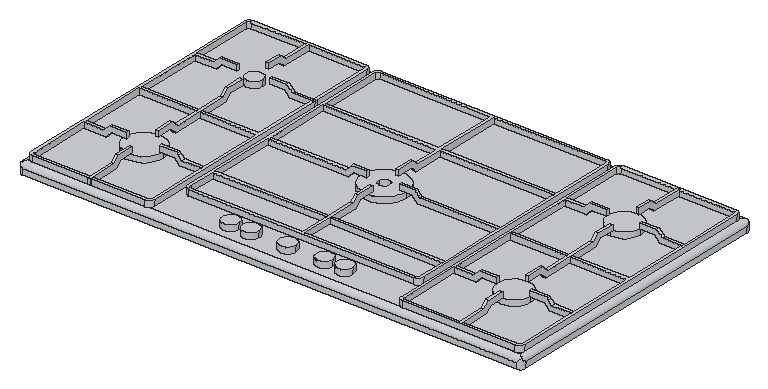
Revit family
Parameters
  s/s Thickness = 20 mm
  Width = 915 mm
  Stainless Steel = none
  Height from FFL = 900 mm
  Depth = 520 mm
  Cast Iron = none
  Burner Diameter = 60 mm
Reference planes
  plane 1 "Center (Front/Back)": y = 0
  plane 2: z = 0
  plane 3 "Center (Left/Right)": x = 0
  plane 4: x = -457.5
  plane 5: x = 457.5
  plane 6: y = 260
  plane 7: y = -260
  plane 8: z = 900
  plane 9: z = 920
  plane 10: y = 250
  plane 11: y = -250
  plane 12: x = -447.5
  plane 13: x = 447.5
  plane 14: z = 910
  plane 15: x = -223.75
  plane 16: x = 223.75
  plane 17: x = -213.75
  plane 18: x = 213.75
  plane 19: y = 125
  plane 20: y = -125
  plane 21: y = 240
  plane 22: y = -240
  plane 23: z = 930
  plane 24: z = 940
  plane 25: y = -187.5
  plane 26: y = -177.5
  plane 27: x = -335.625
  plane 28: x = 335.625
  plane 29: x = -365.625
  plane 30: x = -305.625
  plane 31: x = 305.625
  plane 32: x = 365.625
  plane 33: x = -30
  plane 34: x = 30
  plane 35: y = 155
  plane 36: y = 95
  plane 37: y = -95
  plane 38: y = -155
  plane 39: y = 122.5
  plane 40: y = 127.5
  plane 41: x = -333.125
  plane 42: x = -338.125
  plane 43: x = -406.562
  plane 44: x = -264.687
  plane 45: y = -127.5
  plane 46: y = -122.5
  plane 47: x = 406.562
  plane 48: x = 264.687
  plane 49: x = 66.75
  plane 50: x = -66.75
  plane 51: x = 2.5
  plane 52: x = -2.5
  plane 53: x = 338.125
  plane 54: x = 333.125
  plane 55: y = 183.333
  plane 56: y = 62.5
  plane 57: y = -62.5
  plane 58: y = -186
  plane 59: y = -218.75
  plane 60: x = -103.5
  plane 61: x = 103.5
  plane 62: y = 30
  plane 63: y = -30
  plane 64: y = -2.5
  plane 65: y = 2.5
  plane 66: y = 211.667
  plane 67: x = -140.25
  plane 68: x = -177
  plane 69: x = 140.25
  plane 70: x = 177
Forms (mm)
  Extrusion 1, solid, material <- "Stainless Steel"
    sketch origin (0, 0, 0) x (1, 0, 0) y (0, 1, 0)
      loop
        arc (-447.5, 260) -> (-454.571, 257.071) -> (-457.5, 250) r 10
        line (-457.5, 250) -> (-457.5, -250)
        arc (-457.5, -250) -> (-454.571, -257.071) -> (-447.5, -260) r 10
        line (-447.5, -260) -> (447.5, -260)
        arc (447.5, -260) -> (454.571, -257.071) -> (457.5, -250) r 10
        line (457.5, -250) -> (457.5, 250)
        arc (457.5, 250) -> (454.571, 257.071) -> (447.5, 260) r 10
        line (447.5, 260) -> (-447.5, 260)
    from 900 to 920
  Extrusion 2, void
    sketch origin (0, 0, 0) x (1, 0, 0) y (0, 0, 1)
      loop
        arc (-457.5, 910) -> (-454.571, 917.071) -> (-447.5, 920) r 10
        line (-447.5, 920) -> (-457.5, 920) -> (-457.5, 910)
    from -260 to 260
  Extrusion 3, void
    sketch origin (0, 0, 0) x (1, 0, 0) y (0, 0, 1)
      loop
        line (457.5, 910) -> (457.5, 920) -> (447.5, 920)
        arc (447.5, 920) -> (454.571, 917.071) -> (457.5, 910) r 10
    from -260 to 260
  Extrusion 4, void
    sketch origin (0, 0, 0) x (0, 1, 0) y (0, 0, 1)
      loop
        line (260, 910) -> (260, 920) -> (250, 920)
        arc (250, 920) -> (257.071, 917.071) -> (260, 910) r 10
    from -457.5 to 457.5
  Extrusion 5, void
    sketch origin (0, 0, 0) x (0, -1, 0) y (0, 0, -1)
      loop
        arc (260, -910) -> (257.071, -917.071) -> (250, -920) r 10
        line (250, -920) -> (260, -920) -> (260, -910)
    from -457.5 to 457.5
  Sweep 6, solid, material <- "Cast Iron"
    path origin (0, 0, 0) x (1, 0, 0) y (0, 1, 0)
      loop
        line (-233.75, 250) -> (-437.5, 250)
        arc (-437.5, 250) -> (-444.571, 247.071) -> (-447.5, 240) r 10
        line (-447.5, 240) -> (-447.5, -240)
        arc (-447.5, -240) -> (-444.571, -247.071) -> (-437.5, -250) r 10
        line (-437.5, -250) -> (-233.75, -250)
        arc (-233.75, -250) -> (-226.679, -247.071) -> (-223.75, -240) r 10
        line (-223.75, -240) -> (-223.75, 240)
        arc (-223.75, 240) -> (-226.679, 247.071) -> (-233.75, 250) r 10
    profile origin (-335.625, 250, 0) x (0, -1, 0) y (0, 0, 1)
      loop
        line (5, 920) -> (5, 930) -> (0, 930) -> (0, 920) -> (5, 920)
  Sweep 7, solid, material <- "Cast Iron"
    path origin (671.25, 0, 0) x (1, 0, 0) y (0, 1, 0)
      loop
        line (-233.75, 250) -> (-437.5, 250)
        arc (-437.5, 250) -> (-444.571, 247.071) -> (-447.5, 240) r 10
        line (-447.5, 240) -> (-447.5, -240)
        arc (-447.5, -240) -> (-444.571, -247.071) -> (-437.5, -250) r 10
        line (-437.5, -250) -> (-233.75, -250)
        arc (-233.75, -250) -> (-226.679, -247.071) -> (-223.75, -240) r 10
        line (-223.75, -240) -> (-223.75, 240)
        arc (-223.75, 240) -> (-226.679, 247.071) -> (-233.75, 250) r 10
    profile origin (335.625, 250, 0) x (0, -1, 0) y (0, 0, 1)
      loop
        line (5, 920) -> (5, 930) -> (0, 930) -> (0, 920) -> (5, 920)
  Sweep 8, solid, material <- "Cast Iron"
    path origin (233.75, 0, 0) x (1, 0, 0) y (0, 1, 0)
      loop
        line (-30, 250) -> (-437.5, 250)
        arc (-437.5, 250) -> (-444.571, 247.071) -> (-447.5, 240) r 10
        line (-447.5, 240) -> (-447.5, -177.5)
        arc (-447.5, -177.5) -> (-444.571, -184.571) -> (-437.5, -187.5) r 10
        line (-437.5, -187.5) -> (-30, -187.5)
        arc (-30, -187.5) -> (-22.929, -184.571) -> (-20, -177.5) r 10
        line (-20, -177.5) -> (-20, 240)
        arc (-20, 240) -> (-22.929, 247.071) -> (-30, 250) r 10
    profile origin (0, 250, 0) x (0, -1, 0) y (0, 0, 1)
      loop
        line (5, 920) -> (5, 930) -> (0, 930) -> (0, 920) -> (5, 920)
  Sweep 9, solid, material <- "Cast Iron"
    path origin (0, 0, 0) x (1, 0, 0) y (0, 1, 0)
      loop
        line (-447.5, 0) -> (-223.75, 0)
    profile origin (-335.625, 0, 0) x (0, 1, 0) y (0, 0, 1)
      loop
        line (2.5, 920) -> (2.5, 930) -> (-2.5, 930) -> (-2.5, 920) -> (2.5, 920)
  Sweep 10, solid, material <- "Cast Iron"
    path origin (233.75, 0, 0) x (1, 0, 0) y (0, 1, 0)
      loop
        line (-447.5, -125) -> (-20, -125)
    profile origin (0, -125, 0) x (0, 1, 0) y (0, 0, 1)
      loop
        line (2.5, 920) -> (2.5, 930) -> (-2.5, 930) -> (-2.5, 920) -> (2.5, 920)
  Sweep 11, solid, material <- "Cast Iron"
    path origin (0, 0, 0) x (-1, 0, 0) y (0, 1, 0)
      loop
        line (-447.5, 0) -> (-223.75, 0)
    profile origin (335.625, 0, 0) x (0, -1, 0) y (0, 0, 1)
      loop
        line (-2.5, 920) -> (2.5, 920) -> (2.5, 930) -> (-2.5, 930) -> (-2.5, 920)
  Extrusion 12, solid
    sketch origin (0, 0, 0) x (1, 0, 0) y (0, 1, 0)
      loop
        circle (-335.625, 125) r 15
    from 920 to 930
  Extrusion 13, solid
    sketch origin (0, 0, 0) x (1, 0, 0) y (0, 1, 0)
      loop
        circle (-335.625, -125) r 35
    from 920 to 930
  Extrusion 14, solid
    sketch origin (0, 0, 0) x (-1, 0, 0) y (0, -1, 0)
      loop
        arc (-365.625, -125) -> (-356.838, -146.213) -> (-335.625, -155) r 30
        arc (-335.625, -155) -> (-314.412, -146.213) -> (-305.625, -125) r 30
        arc (-305.625, -125) -> (-314.412, -103.787) -> (-335.625, -95) r 30
        arc (-335.625, -95) -> (-356.838, -103.787) -> (-365.625, -125) r 30
    from 920 to 930
  Extrusion 15, solid
    sketch origin (0, 0, 0) x (-1, 0, 0) y (0, -1, 0)
      loop
        circle (-335.625, 125) r 30
    from 920 to 930
  Sweep 16, solid, material <- "Cast Iron"
    path origin (1524, 125, 1219.2) x (1, 0, 0) y (0, 0, 1)
      loop
        line (-1971.5, -289.2) -> (-1930.563, -289.2) -> (-1920.562, -279.2) -> (-1889.625, -279.2)
    profile origin (-427.031, 125, 930) x (0, 0, 1) y (0, -1, 0)
      loop
        line (0, -2.5) -> (0, 2.5) -> (-10, 2.5) -> (-10, -2.5) -> (0, -2.5)
  Sweep 17, solid
    path origin (-2195.25, 125, 1219.2) x (-1, 0, 0) y (0, 0, -1)
      loop
        line (-1971.5, 289.2) -> (-1930.563, 289.2) -> (-1920.563, 279.2) -> (-1889.625, 279.2)
    profile origin (-244.219, 125, 930) x (0, 0, -1) y (0, -1, 0)
      loop
        line (0, -2.5) -> (10, -2.5) -> (10, 2.5) -> (0, 2.5) -> (0, -2.5)
  Sweep 18, solid, material <- "Cast Iron"
    path origin (1524, -125, 1219.2) x (1, 0, 0) y (0, 0, 1)
      loop
        line (-1971.5, -289.2) -> (-1930.563, -289.2) -> (-1920.562, -279.2) -> (-1889.625, -279.2)
    profile origin (-427.031, -125, 930) x (0, 0, 1) y (0, -1, 0)
      loop
        line (0, -2.5) -> (0, 2.5) -> (-10, 2.5) -> (-10, -2.5) -> (0, -2.5)
  Sweep 19, solid, material <- "Cast Iron"
    path origin (-2195.25, -125, 1219.2) x (-1, 0, 0) y (0, 0, -1)
      loop
        line (-1971.5, 289.2) -> (-1930.563, 289.2) -> (-1920.563, 279.2) -> (-1889.625, 279.2)
    profile origin (-244.219, -125, 930) x (0, 0, -1) y (0, -1, 0)
      loop
        line (0, -2.5) -> (10, -2.5) -> (10, 2.5) -> (0, 2.5) -> (0, -2.5)
  Sweep 20, solid, material <- "Cast Iron"
    path origin (-1524, 125, 1219.2) x (-1, 0, 0) y (0, 0, -1)
      loop
        line (-1971.5, 289.2) -> (-1930.563, 289.2) -> (-1920.562, 279.2) -> (-1889.625, 279.2)
    profile origin (427.031, 125, 930) x (0, 0, -1) y (0, -1, 0)
      loop
        line (0, -2.5) -> (10, -2.5) -> (10, 2.5) -> (0, 2.5) -> (0, -2.5)
  Sweep 21, solid, material <- "Cast Iron"
    path origin (2195.25, 125, 1219.2) x (1, 0, 0) y (0, 0, 1)
      loop
        line (-1971.5, -289.2) -> (-1930.563, -289.2) -> (-1920.563, -279.2) -> (-1889.625, -279.2)
    profile origin (244.219, 125, 930) x (0, 0, 1) y (0, -1, 0)
      loop
        line (0, -2.5) -> (0, 2.5) -> (-10, 2.5) -> (-10, -2.5) -> (0, -2.5)
  Sweep 22, solid, material <- "Cast Iron"
    path origin (-1524, -125, 1219.2) x (-1, 0, 0) y (0, 0, -1)
      loop
        line (-1971.5, 289.2) -> (-1930.563, 289.2) -> (-1920.562, 279.2) -> (-1889.625, 279.2)
    profile origin (427.031, -125, 930) x (0, 0, -1) y (0, -1, 0)
      loop
        line (0, -2.5) -> (10, -2.5) -> (10, 2.5) -> (0, 2.5) -> (0, -2.5)
  Sweep 23, solid, material <- "Cast Iron"
    path origin (2195.25, -125, 1219.2) x (1, 0, 0) y (0, 0, 1)
      loop
        line (-1971.5, -289.2) -> (-1930.563, -289.2) -> (-1920.563, -279.2) -> (-1889.625, -279.2)
    profile origin (244.219, -125, 930) x (0, 0, 1) y (0, -1, 0)
      loop
        line (0, -2.5) -> (0, 2.5) -> (-10, 2.5) -> (-10, -2.5) -> (0, -2.5)
  Sweep 24, solid, material <- "Cast Iron"
    path origin (-335.625, -1734.625, 1219.2) x (0, -1, 0) y (0, 0, -1)
      loop
        line (-1984.625, 289.2) -> (-1927.896, 289.2) -> (-1917.896, 279.2) -> (-1889.625, 279.2)
    profile origin (-335.625, 221.635, 930) x (0, 0, -1) y (1, 0, 0)
      loop
        line (0, -2.5) -> (10, -2.5) -> (10, 2.5) -> (0, 2.5) -> (0, -2.5)
  Sweep 25, solid, material <- "Cast Iron"
    path origin (-335.625, 1984.625, 1219.2) x (0, 1, 0) y (0, 0, 1)
      loop
        line (-2079.625, -279.2) -> (-2047.188, -279.2) -> (-2037.188, -289.2) -> (-1932.063, -289.2) -> (-1922.063, -279.2) -> (-1889.625, -279.2)
    profile origin (-335.625, 0, 930) x (0, 0, 1) y (1, 0, 0)
      loop
        line (0, -2.5) -> (0, 2.5) -> (-10, 2.5) -> (-10, -2.5) -> (0, -2.5)
  Sweep 26, solid
    path origin (-335.625, 1734.625, 1219.2) x (0, 1, 0) y (0, 0, 1)
      loop
        line (-1984.625, -289.2) -> (-1930.563, -289.2) -> (-1920.562, -279.2) -> (-1889.625, -279.2)
    profile origin (-335.625, -222.969, 930) x (0, 0, 1) y (1, 0, 0)
      loop
        line (0, -2.5) -> (0, 2.5) -> (-10, 2.5) -> (-10, -2.5) -> (0, -2.5)
  Sweep 27, solid
    path origin (335.625, -1734.625, 1219.2) x (0, -1, 0) y (0, 0, -1)
      loop
        line (-1984.625, 289.2) -> (-1927.896, 289.2) -> (-1917.896, 279.2) -> (-1889.625, 279.2)
    profile origin (335.625, 221.635, 930) x (0, 0, -1) y (1, 0, 0)
      loop
        line (0, -2.5) -> (10, -2.5) -> (10, 2.5) -> (0, 2.5) -> (0, -2.5)
  Sweep 28, solid, material <- "Cast Iron"
    path origin (335.625, 1984.625, 1219.2) x (0, 1, 0) y (0, 0, 1)
      loop
        line (-2079.625, -279.2) -> (-2047.188, -279.2) -> (-2037.188, -289.2) -> (-1932.063, -289.2) -> (-1922.063, -279.2) -> (-1889.625, -279.2)
    profile origin (335.625, 0, 930) x (0, 0, 1) y (1, 0, 0)
      loop
        line (0, -2.5) -> (0, 2.5) -> (-10, 2.5) -> (-10, -2.5) -> (0, -2.5)
  Sweep 29, solid, material <- "Cast Iron"
    path origin (335.625, 1734.625, 1219.2) x (0, 1, 0) y (0, 0, 1)
      loop
        line (-1984.625, -289.2) -> (-1930.563, -289.2) -> (-1920.562, -279.2) -> (-1889.625, -279.2)
    profile origin (335.625, -222.969, 930) x (0, 0, 1) y (1, 0, 0)
      loop
        line (0, -2.5) -> (0, 2.5) -> (-10, 2.5) -> (-10, -2.5) -> (0, -2.5)
  Extrusion 30, solid, material <- "Stainless Steel"
    sketch origin (0, 0, 0) x (1, 0, 0) y (0, 1, 0)
      loop
        circle (103.5, -218.75) r 15
    from 920 to 930
  Sweep 31, solid, material <- "Cast Iron"
    path origin (233.75, 123.75, 0) x (1, 0, 0) y (0, 1, 0)
      loop
        line (-447.5, 1.25) -> (-20, 1.25)
    profile origin (0, 125, 0) x (0, 1, 0) y (0, 0, 1)
      loop
        line (2.5, 920) -> (2.5, 930) -> (-2.5, 930) -> (-2.5, 920) -> (2.5, 920)
  Sweep 32, solid, material <- "Cast Iron"
    path origin (1859.625, 0, 1219.2) x (1, 0, 0) y (0, 0, 1)
      loop
        line (-2073.375, -289.2) -> (-1926.312, -289.2) -> (-1916.313, -279.2) -> (-1889.625, -279.2)
    profile origin (-140.219, 0, 930) x (0, 0, 1) y (0, -1, 0)
      loop
        line (0, -2.5) -> (0, 2.5) -> (-10, 2.5) -> (-10, -2.5) -> (0, -2.5)
  Sweep 33, solid, material <- "Cast Iron"
    path origin (-1859.625, 0, 1219.2) x (-1, 0, 0) y (0, 0, -1)
      loop
        line (-2073.375, 289.2) -> (-1926.313, 289.2) -> (-1916.313, 279.2) -> (-1889.625, 279.2)
    profile origin (140.219, 0, 930) x (0, 0, -1) y (0, -1, 0)
      loop
        line (0, -2.5) -> (10, -2.5) -> (10, 2.5) -> (0, 2.5) -> (0, -2.5)
  Sweep 34, solid, material <- "Cast Iron"
    path origin (0, -1734.625, 1219.2) x (0, -1, 0) y (0, 0, -1)
      loop
        line (-1984.625, 289.2) -> (-1807.125, 289.2) -> (-1797.125, 279.2) -> (-1764.625, 279.2)
    profile origin (0, 161.25, 930) x (0, 0, -1) y (1, 0, 0)
      loop
        line (0, -2.5) -> (10, -2.5) -> (10, 2.5) -> (0, 2.5) -> (0, -2.5)
  Extrusion 35, solid
    sketch origin (0, 0, 0) x (1, 0, 0) y (0, 1, 0)
      loop
        circle (0, 0) r 40
      loop
        circle (0, 0) r 10
    from 920 to 930
  Sweep 36, solid, material <- "Cast Iron"
    path origin (0, 1734.625, 1219.2) x (0, 1, 0) y (0, 0, 1)
      loop
        line (-1922.125, -289.2) -> (-1807.125, -289.2) -> (-1797.125, -279.2) -> (-1764.625, -279.2)
    profile origin (0, -130, 930) x (0, 0, 1) y (1, 0, 0)
      loop
        line (0, -2.5) -> (0, 2.5) -> (-10, 2.5) -> (-10, -2.5) -> (0, -2.5)
  Extrusion 37, solid
    sketch origin (0, 0, 0) x (1, 0, 0) y (0, 1, 0)
      loop
        circle (0, -218.75) r 15
      loop
        circle (-66.75, -218.75) r 15
      loop
        circle (-103.5, -218.75) r 15
      loop
        circle (66.75, -218.75) r 15
    from 920 to 930
Cuts and joins
  Extrusion 2, Extrusion 3, Extrusion 4, Extrusion 5 cuts Extrusion 1
  joined: Sweep 6, Sweep 9, Sweep 16, Sweep 18, Sweep 19, Sweep 24, Sweep 25
  joined: Sweep 8, Sweep 10, Sweep 31, Sweep 32, Sweep 33, Sweep 34, Sweep 36
  joined: Sweep 7, Sweep 11, Sweep 20, Sweep 21, Sweep 22, Sweep 23, Sweep 28, Sweep 29
Lines and regions (mm)
  model lines
    curve 1: circle (-335.625, 125, 920) r 30 normal (0, 0, 1)
    curve 2: circle (0, 0, 920) r 120 normal (0, 0, 1)
    curve 3: circle (0, 0, 920) r 115 normal (0, 0, 1)
    curve 4: circle (-335.625, -125, 920) r 55 normal (0, 0, 1)
    curve 5: circle (335.625, -125, 920) r 45 normal (0, 0, 1)
    curve 6: circle (335.625, 125, 920) r 45 normal (0, 0, 1)
Dimensions and locks
  "Width": plane 4 to plane 5
  equal spacing: plane 4, plane 3 "Center (Left/Right)", plane 5
  "Depth": plane 7 to plane 6
  equal spacing: plane 7, plane 1 "Center (Front/Back)", plane 6
  "Height from FFL": plane 8 to level
  "s/s Thickness": plane 9 to plane 8
  locked: plane 10 to plane 6 at 10
  locked: plane 7 to plane 11 at 10
  locked: plane 4 to plane 12 at 10
  locked: plane 13 to plane 5 at 10
  locked: plane 9 to plane 14 at 10
  equal spacing: plane 12, plane 15, plane 3 "Center (Left/Right)"
  equal spacing: plane 3 "Center (Left/Right)", plane 16, plane 13
  locked: plane 15 to plane 17 at 10
  locked: plane 18 to plane 16 at 10
  equal spacing: plane 1 "Center (Front/Back)", plane 19, plane 10
  equal spacing: plane 11, plane 20, plane 1 "Center (Front/Back)"
  locked: plane 21 to plane 10 at 10
  locked: plane 11 to plane 22 at 10
  plane 24 to plane 23 to plane 9 = 10 mm locked, 10 mm locked
  equal spacing: plane 11, plane 25, plane 20
  locked: plane 25 to plane 26 at 10
  equal spacing: plane 12, plane 27, plane 15
  equal spacing: plane 16, plane 28, plane 13
  "Burner Diameter": plane 29 to plane 30
  equal spacing: plane 29, plane 27, plane 30
  "Burner Diameter": plane 36 to plane 35
  "Burner Diameter": plane 38 to plane 37
  equal spacing: plane 38, plane 20, plane 37
  plane 42 to plane 27 to plane 41 = 2.5 mm locked, 2.5 mm locked
  plane 39 to plane 19 to plane 40 = 2.5 mm locked, 2.5 mm locked
  equal spacing: plane 12, plane 43, plane 29
  equal spacing: plane 30, plane 44, plane 15
  plane 45 to plane 20 to plane 46 = 2.5 mm locked, 2.5 mm locked
  equal spacing: plane 16, plane 48, plane 31
  equal spacing: plane 32, plane 47, plane 13
  plane 52 to plane 3 "Center (Left/Right)" to plane 51 = 2.5 mm locked, 2.5 mm locked
  plane 54 to plane 28 to plane 53 = 2.5 mm locked, 2.5 mm locked
  equal spacing: plane 11, plane 59, plane 25
  "Burner Diameter": plane 63 to plane 62
  plane 64 to plane 1 "Center (Front/Back)" to plane 65 = 2.5 mm locked, 2.5 mm locked
  equal spacing: plane 35, plane 55, plane 66, plane 21
  equal spacing: plane 63, plane 1 "Center (Front/Back)", plane 62
  equal spacing: plane 62, plane 56, plane 36
  equal spacing: plane 37, plane 57, plane 63
  equal spacing: plane 17, plane 68, plane 67, plane 60, plane 50, plane 33
  equal spacing: plane 34, plane 49, plane 61, plane 69, plane 70, plane 18
  angle Sweep 16 sketch curve to plane 23 = 45.00°
  angle plane 23 to Sweep 17 sketch curve = 45.00°
  aligned and locked: plane 6 to Extrusion 1 sketch curve
  aligned and locked: plane 4 to Extrusion 1 sketch curve
  aligned and locked: Extrusion 1 sketch curve to plane 7
  aligned and locked: Extrusion 1 sketch curve to plane 5
  aligned and locked: Extrusion 1 to plane 8
  aligned and locked: plane 9 to Extrusion 1
  aligned and locked: plane 9 to Extrusion 2 sketch curve
  aligned and locked: Extrusion 2 sketch curve to plane 4
  aligned and locked: plane 12 to Extrusion 2 sketch curve
  aligned and locked: plane 14 to Extrusion 2 sketch curve
  aligned and locked: Extrusion 2 to plane 6
  aligned and locked: plane 7 to Extrusion 2
  aligned and locked: plane 9 to Extrusion 3 sketch curve
  aligned and locked: plane 5 to Extrusion 3 sketch curve
  aligned and locked: plane 14 to Extrusion 3 sketch curve
  aligned and locked: plane 13 to Extrusion 3 sketch curve
  aligned and locked: Extrusion 3 to plane 6
  aligned and locked: plane 7 to Extrusion 3
  aligned and locked: plane 9 to Extrusion 4 sketch curve
  aligned and locked: Extrusion 4 sketch curve to plane 6
  aligned and locked: plane 10 to Extrusion 4 sketch curve
  aligned and locked: plane 14 to Extrusion 4 sketch curve
  aligned and locked: Extrusion 4 to plane 4
  aligned and locked: plane 5 to Extrusion 4
  aligned and locked: Extrusion 5 sketch curve to plane 7
  aligned and locked: Extrusion 5 sketch curve to plane 9
  aligned and locked: plane 14 to Extrusion 5 sketch curve
  aligned and locked: plane 11 to Extrusion 5 sketch curve
  aligned and locked: plane 5 to Extrusion 5
  aligned and locked: Sweep 6 sketch curve to plane 10  (x2)
  aligned and locked: Sweep 6 sketch curve to plane 12
  aligned and locked: Sweep 6 sketch curve to plane 15
  aligned and locked: Sweep 6 sketch curve to plane 11
  aligned and locked: Sweep 6 sketch curve to plane 9
  aligned and locked: plane 21 to Sweep 6 sketch curve  (x2)
  aligned and locked: plane 22 to Sweep 6 sketch curve  (x2)
  aligned and locked: plane 23 to Sweep 6 sketch curve
  aligned and locked: Sweep 7 sketch curve to plane 10
  aligned and locked: Sweep 7 sketch curve to plane 13
  aligned and locked: Sweep 7 sketch curve to plane 16
  aligned and locked: Sweep 7 sketch curve to plane 11
  aligned and locked: plane 22 to Sweep 7 sketch curve  (x2)
  aligned and locked: plane 21 to Sweep 7 sketch curve  (x2)
  aligned and locked: plane 23 to Sweep 7 sketch curve
  aligned and locked: Sweep 7 sketch curve to plane 9
  aligned and locked: Sweep 8 sketch curve to plane 10
  aligned and locked: plane 21 to Sweep 8 sketch curve  (x2)
  aligned and locked: Sweep 8 sketch curve to plane 18
  aligned and locked: Sweep 8 sketch curve to plane 25
  aligned and locked: Sweep 8 sketch curve to plane 17
  aligned and locked: plane 26 to Sweep 8 sketch curve
  aligned and locked: plane 23 to Sweep 8 sketch curve
  aligned and locked: Sweep 8 sketch curve to plane 9
  aligned and locked: plane 1 "Center (Front/Back)" to Sweep 9 sketch curve
  aligned and locked: plane 12 to Sweep 9 sketch curve
  aligned and locked: plane 15 to Sweep 9 sketch curve
  aligned and locked: plane 23 to Sweep 9 sketch curve
  aligned and locked: Sweep 9 sketch curve to plane 9
  aligned and locked: plane 18 to Sweep 10 sketch curve
  aligned and locked: plane 17 to Sweep 10 sketch curve
  aligned and locked: plane 23 to Sweep 10 sketch curve
  aligned and locked: Sweep 10 sketch curve to plane 9
  aligned and locked: Sweep 11 sketch curve to plane 1 "Center (Front/Back)"
  aligned and locked: plane 13 to Sweep 11 sketch curve
  aligned and locked: plane 16 to Sweep 11 sketch curve
  aligned and locked: plane 23 to Sweep 11 sketch curve
  aligned and locked: Sweep 11 sketch curve to plane 9
  aligned and locked: plane 28 to Extrusion 14 sketch curve  (x2)
  aligned and locked: plane 36 to Extrusion 14 sketch curve
  aligned and locked: plane 19 to Extrusion 14 sketch curve  (x2)
  aligned and locked: plane 23 to Extrusion 13
  aligned and locked: plane 23 to Extrusion 12
  aligned and locked: plane 23 to Extrusion 15
  aligned and locked: plane 23 to Extrusion 14
  aligned and locked: Extrusion 15 to plane 9
  aligned and locked: Extrusion 14 to plane 9
  aligned and locked: Extrusion 13 to plane 9
  aligned and locked: cut or joined group of Sweep 6, Sweep 9, Sweep 16, Sweep 18, Sweep 19, Sweep 24, Sweep 25 to Extrusion 13
  aligned and locked: plane 29 to Sweep 16 sketch curve
  aligned and locked: plane 24 to Sweep 16 sketch curve
  aligned and locked: plane 43 to Sweep 16 sketch curve
  aligned and locked: plane 23 to Sweep 16 sketch curve
  aligned and locked: plane 12 to Sweep 16 sketch curve
  aligned and locked: plane 40 to Sweep 16 sketch curve
  aligned and locked: Sweep 16 sketch curve to plane 39
  aligned and locked: Sweep 16 sketch curve to plane 23
  aligned and locked: plane 9 to Sweep 16 sketch curve
  aligned and locked: Sweep 17 sketch curve to plane 23  (x2)
  aligned and locked: plane 15 to Sweep 17 sketch curve
  aligned and locked: plane 30 to Sweep 17 sketch curve
  aligned and locked: Sweep 17 sketch curve to plane 24
  aligned and locked: plane 44 to Sweep 17 sketch curve
  aligned and locked: Sweep 17 sketch curve to plane 39
  aligned and locked: plane 40 to Sweep 17 sketch curve
  aligned and locked: plane 9 to Sweep 17 sketch curve
  aligned and locked: plane 46 to Sweep 18 sketch curve
  aligned and locked: Sweep 18 sketch curve to plane 45
  aligned and locked: Sweep 19 sketch curve to plane 45
  aligned and locked: plane 46 to Sweep 19 sketch curve
  aligned and locked: plane 23 to Sweep 18 sketch curve
  aligned and locked: plane 12 to Sweep 18 sketch curve
  aligned and locked: plane 43 to Sweep 18 sketch curve
  aligned and locked: plane 24 to Sweep 18 sketch curve
  aligned and locked: plane 29 to Sweep 18 sketch curve
  aligned and locked: Sweep 18 sketch curve to plane 23
  aligned and locked: plane 9 to Sweep 18 sketch curve
  aligned and locked: plane 23 to Sweep 19 sketch curve
  aligned and locked: plane 15 to Sweep 19 sketch curve
  aligned and locked: plane 24 to Sweep 19 sketch curve
  aligned and locked: plane 44 to Sweep 19 sketch curve
  aligned and locked: plane 30 to Sweep 19 sketch curve
  aligned and locked: Sweep 19 sketch curve to plane 23
  aligned and locked: plane 9 to Sweep 19 sketch curve
  aligned and locked: plane 31 to Sweep 21 sketch curve
  aligned and locked: plane 24 to Sweep 21 sketch curve
  aligned and locked: plane 48 to Sweep 21 sketch curve
  aligned and locked: plane 16 to Sweep 21 sketch curve
  aligned and locked: plane 23 to Sweep 21 sketch curve
  aligned and locked: Sweep 21 sketch curve to plane 23
  aligned and locked: plane 9 to Sweep 21 sketch curve
  aligned and locked: Sweep 21 sketch curve to plane 39
  aligned and locked: plane 40 to Sweep 21 sketch curve
  aligned and locked: plane 13 to Sweep 20 sketch curve
  aligned and locked: Sweep 20 sketch curve to plane 23  (x2)
  aligned and locked: plane 47 to Sweep 20 sketch curve
  aligned and locked: Sweep 20 sketch curve to plane 24
  aligned and locked: plane 32 to Sweep 20 sketch curve
  aligned and locked: plane 9 to Sweep 20 sketch curve
  aligned and locked: Sweep 20 sketch curve to plane 39
  aligned and locked: plane 40 to Sweep 20 sketch curve
  aligned and locked: plane 16 to Sweep 23 sketch curve
  aligned and locked: plane 23 to Sweep 23 sketch curve
  aligned and locked: plane 48 to Sweep 23 sketch curve
  aligned and locked: plane 24 to Sweep 23 sketch curve
  aligned and locked: plane 31 to Sweep 23 sketch curve
  aligned and locked: Sweep 23 sketch curve to plane 23
  aligned and locked: plane 9 to Sweep 23 sketch curve
  aligned and locked: Sweep 23 sketch curve to plane 45
  aligned and locked: plane 46 to Sweep 23 sketch curve
  aligned and locked: plane 13 to Sweep 22 sketch curve
  aligned and locked: Sweep 22 sketch curve to plane 23  (x2)
  aligned and locked: plane 47 to Sweep 22 sketch curve
  aligned and locked: Sweep 22 sketch curve to plane 24
  aligned and locked: plane 32 to Sweep 22 sketch curve
  aligned and locked: plane 9 to Sweep 22 sketch curve
  aligned and locked: Sweep 22 sketch curve to plane 45
  aligned and locked: plane 46 to Sweep 22 sketch curve
  aligned and locked: plane 10 to Sweep 24 sketch curve
  aligned and locked: Sweep 24 sketch curve to plane 23
  aligned and locked: Sweep 24 sketch curve to plane 24
  aligned and locked: plane 35 to Sweep 24 sketch curve
  aligned and locked: Sweep 24 sketch curve to plane 42
  aligned and locked: plane 41 to Sweep 24 sketch curve
  aligned and locked: Sweep 24 sketch curve to plane 9
  aligned and locked: plane 23 to Sweep 24 sketch curve
  aligned and locked: plane 36 to Sweep 25 sketch curve
  aligned and locked: plane 24 to Sweep 25 sketch curve
  aligned and locked: plane 23 to Sweep 25 sketch curve
  aligned and locked: Sweep 25 sketch curve to plane 24
  aligned and locked: plane 37 to Sweep 25 sketch curve
  aligned and locked: plane 38 to Sweep 26 sketch curve
  aligned and locked: plane 24 to Sweep 26 sketch curve
  aligned and locked: plane 23 to Sweep 26 sketch curve  (x2)
  aligned and locked: plane 11 to Sweep 26 sketch curve
  aligned and locked: Sweep 26 sketch curve to plane 9
  aligned and locked: Sweep 26 sketch curve to plane 42
  aligned and locked: plane 41 to Sweep 26 sketch curve
  aligned and locked: plane 10 to Sweep 27
  aligned and locked: Sweep 27 to plane 54
  aligned and locked: plane 36 to Sweep 28 sketch curve
  aligned and locked: plane 24 to Sweep 28 sketch curve
  aligned and locked: plane 23 to Sweep 28 sketch curve
  aligned and locked: Sweep 28 sketch curve to plane 24
  aligned and locked: plane 37 to Sweep 28 sketch curve
  aligned and locked: cut or joined group of Sweep 7, Sweep 11, Sweep 20, Sweep 21, Sweep 22, Sweep 23, Sweep 28, Sweep 29 to plane 38
  aligned and locked: cut or joined group of Sweep 7, Sweep 11, Sweep 20, Sweep 21, Sweep 22, Sweep 23, Sweep 28, Sweep 29 to plane 54
  aligned and locked: plane 23 to Extrusion 30
  aligned and locked: Extrusion 30 to plane 9
  aligned and locked: plane 19 to Sweep 31 sketch curve
  aligned and locked: plane 17 to Sweep 31 sketch curve
  aligned and locked: plane 18 to Sweep 31 sketch curve
  aligned and locked: plane 23 to Sweep 31 sketch curve
  aligned and locked: plane 39 to Sweep 31 sketch curve
  aligned and locked: Sweep 31 sketch curve to plane 40
  aligned and locked: Sweep 31 sketch curve to plane 9
  aligned and locked: plane 20 to Sweep 10 sketch curve
  aligned and locked: Sweep 32 sketch curve to plane 64
  aligned and locked: plane 65 to Sweep 32 sketch curve
  aligned and locked: Sweep 33 sketch curve to plane 64
  aligned and locked: plane 65 to Sweep 33 sketch curve
  aligned and locked: plane 17 to Sweep 32 sketch curve
  aligned and locked: plane 23 to Sweep 32 sketch curve
  aligned and locked: plane 24 to Sweep 32 sketch curve
  aligned and locked: plane 33 to Sweep 32 sketch curve
  aligned and locked: plane 9 to Sweep 32 sketch curve
  aligned and locked: Sweep 32 sketch curve to plane 23
  aligned and locked: plane 23 to Sweep 33 sketch curve
  aligned and locked: plane 18 to Sweep 33 sketch curve
  aligned and locked: plane 24 to Sweep 33 sketch curve
  aligned and locked: plane 34 to Sweep 33 sketch curve
  aligned and locked: Sweep 33 sketch curve to plane 23
  aligned and locked: plane 9 to Sweep 33 sketch curve
  aligned and locked: plane 62 to Sweep 34 sketch curve
  aligned and locked: plane 56 to Sweep 34 sketch curve
  aligned and locked: plane 63 to Sweep 36 sketch curve
  aligned and locked: plane 24 to Sweep 36 sketch curve
  aligned and locked: plane 57 to Sweep 36 sketch curve
  aligned and locked: plane 25 to Sweep 36 sketch curve
  aligned and locked: plane 23 to Extrusion 37
  aligned and locked: plane 23 to Extrusion 35
  aligned and locked: Extrusion 35 to plane 9
  aligned and locked: Extrusion 37 to plane 9
Automatic sketch dimensions
  Extrusion 1 sketch curve to plane 12 = 0 mm  (x2)
  Extrusion 1 sketch curve to plane 11 = 0 mm
  Extrusion 1 sketch curve to plane 10 = 0 mm
  Sweep 6 sketch curve to profile plane = 5 mm
  Sweep 7 sketch curve to profile plane = 0 mm
  Sweep 7 sketch curve to profile plane = 5 mm
  Sweep 8 sketch curve to plane 26 = 0 mm
  Sweep 8 sketch curve to profile plane = 0 mm
  Sweep 8 sketch curve to profile plane = 5 mm
  profile plane to Sweep 9 sketch curve = 2.5 mm
  Sweep 9 sketch curve to profile plane = 2.5 mm
  profile plane to Sweep 10 sketch curve = 2.5 mm
  Sweep 10 sketch curve to profile plane = 2.5 mm
  profile plane to Sweep 11 sketch curve = 2.5 mm
  Sweep 11 sketch curve to profile plane = 2.5 mm
  plane 43 to Sweep 18 sketch curve = 10 mm
  plane 44 to Sweep 19 sketch curve = 10 mm
  plane 47 to Sweep 20 sketch curve = 10 mm
  plane 48 to Sweep 21 sketch curve = 10 mm
  plane 47 to Sweep 22 sketch curve = 10 mm
  plane 48 to Sweep 23 sketch curve = 10 mm
  Sweep 24 sketch curve to plane 55 = 9.938 mm
  plane 55 to Sweep 24 sketch curve = 0.062 mm
  plane 57 to Sweep 25 sketch curve = 0.063 mm
  Sweep 25 sketch curve to plane 57 = 9.937 mm
  plane 56 to Sweep 25 sketch curve = 9.938 mm
  Sweep 25 sketch curve to plane 56 = 0.062 mm
  Sweep 25 sketch curve to profile plane = 0 mm
  profile plane to Sweep 25 sketch curve = 2.5 mm
  profile plane to Sweep 25 sketch curve = 10 mm
  Sweep 25 sketch curve to profile plane = 2.5 mm
  plane 25 to Sweep 26 sketch curve = 8.438 mm
  Sweep 26 sketch curve to plane 58 = 0.062 mm
  Sweep 27 sketch curve to plane 10 = 0 mm
  Sweep 27 sketch curve to plane 23 = 0 mm
  Sweep 27 sketch curve to plane 24 = 0 mm
  Sweep 27 sketch curve to plane 35 = 0 mm
  Sweep 27 sketch curve to plane 55 = 9.938 mm
  plane 55 to Sweep 27 sketch curve = 0.062 mm
  Sweep 27 sketch curve to profile plane = 0 mm
  Sweep 27 sketch curve to profile plane = 2.5 mm
  Sweep 27 sketch curve to profile plane = 10 mm
  profile plane to Sweep 27 sketch curve = 2.5 mm
  plane 57 to Sweep 28 sketch curve = 0.063 mm
  Sweep 28 sketch curve to plane 57 = 9.937 mm
  plane 56 to Sweep 28 sketch curve = 9.938 mm
  Sweep 28 sketch curve to plane 56 = 0.062 mm
  Sweep 28 sketch curve to profile plane = 0 mm
  profile plane to Sweep 28 sketch curve = 2.5 mm
  profile plane to Sweep 28 sketch curve = 10 mm
  Sweep 28 sketch curve to profile plane = 2.5 mm
  Sweep 29 sketch curve to plane 11 = 0 mm
  Sweep 29 sketch curve to plane 23 = 0 mm
  Sweep 29 sketch curve to plane 24 = 0 mm
  Sweep 29 sketch curve to plane 38 = 0 mm
  plane 25 to Sweep 29 sketch curve = 8.438 mm
  Sweep 29 sketch curve to plane 58 = 0.062 mm
  Sweep 29 sketch curve to profile plane = 0 mm
  profile plane to Sweep 29 sketch curve = 2.5 mm
  profile plane to Sweep 29 sketch curve = 10 mm
  Sweep 29 sketch curve to profile plane = 2.5 mm
  Extrusion 30 sketch curve to plane 59 = 0 mm
  Extrusion 30 sketch curve to plane 61 = 0 mm
  plane 50 to Sweep 32 sketch curve = 0.062 mm
  plane 50 to Sweep 32 sketch curve = 10.063 mm
  Sweep 33 sketch curve to plane 49 = 0.062 mm
  Sweep 33 sketch curve to plane 49 = 10.063 mm
  Sweep 34 sketch curve to plane 10 = 0 mm
  Sweep 34 sketch curve to plane 23 = 0 mm
  Sweep 34 sketch curve to plane 24 = 0 mm
  Sweep 34 sketch curve to plane 56 = 10 mm
  Sweep 34 sketch curve to profile plane = 0 mm
  Sweep 34 sketch curve to profile plane = 2.5 mm
  Sweep 34 sketch curve to profile plane = 10 mm
  profile plane to Sweep 34 sketch curve = 2.5 mm
  Sweep 36 sketch curve to profile plane = 0 mm
  profile plane to Sweep 36 sketch curve = 2.5 mm
  profile plane to Sweep 36 sketch curve = 10 mm
  Sweep 36 sketch curve to profile plane = 2.5 mm
  Sweep 36 sketch curve to plane 23 = 0 mm
  plane 57 to Sweep 36 sketch curve = 10 mm
  Extrusion 35 sketch curve to Extrusion 35 sketch curve = 0 mm  (x2)
  Extrusion 35 sketch curve to plane 1 "Center (Front/Back)" = 0 mm
  Extrusion 35 sketch curve to plane 3 "Center (Left/Right)" = 0 mm
  Extrusion 12 sketch curve to plane 19 = 0 mm
  Extrusion 12 sketch curve to plane 27 = 0 mm
  Extrusion 13 sketch curve to plane 20 = 0 mm
  Extrusion 13 sketch curve to plane 27 = 0 mm
  Extrusion 15 sketch curve to plane 20 = 0 mm
  Extrusion 15 sketch curve to plane 28 = 0 mm
  Extrusion 37 sketch curve to plane 59 = 0 mm  (x4)
  Extrusion 37 sketch curve to plane 60 = 0 mm
  Extrusion 37 sketch curve to plane 50 = 0 mm
  Extrusion 37 sketch curve to plane 3 "Center (Left/Right)" = 0 mm
  Extrusion 37 sketch curve to plane 49 = 0 mm
  curve 2 to curve 3 = 0 mm  (x2)
  curve 5 to plane 20 = 0 mm
  curve 5 to plane 28 = 0 mm
  curve 6 to plane 19 = 0 mm
  curve 6 to plane 28 = 0 mm
  curve 3 to plane 1 "Center (Front/Back)" = 0 mm
  curve 3 to plane 3 "Center (Left/Right)" = 0 mm
  curve 4 to plane 20 = 0 mm
  curve 4 to plane 27 = 0 mm
  curve 1 to plane 19 = 0 mm
  curve 1 to plane 27 = 0 mm
  radius of Extrusion 30 sketch curve = 15 mm
  radius of Extrusion 35 sketch curve = 40 mm
  radius of Extrusion 35 sketch curve = 10 mm
  radius of Extrusion 12 sketch curve = 15 mm
  radius of Extrusion 13 sketch curve = 35 mm
  radius of Extrusion 15 sketch curve = 30 mm
  radius of Extrusion 37 sketch curve = 15 mm  (x4)
  radius of curve 1 = 30 mm
  radius of curve 2 = 120 mm
  radius of curve 3 = 115 mm
  radius of curve 4 = 55 mm
  radius of curve 5 = 45 mm
  radius of curve 6 = 45 mm
